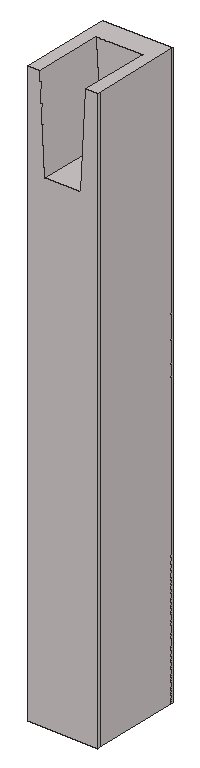
Revit family "M_Coluna retangular pré-moldada com rolamento em forma de cone", category Pilares estruturais, Revit 2019
Family settings
  Exibir em vistas ocultas = Arestas ocultadas por outros membros
  Forma do corte = Não definido
  Material para o comportamento do modelo = Concreto pré-moldado
  Exportar sempre como geometria = Não
  Redução da viga na planta = Da caixa de vinculação
  Número OmniClass = 23.25.30.11.14.11
  Título OmniClass = Columns
  ID de item do Seek = Precast-Rectangular Column with Cone-Shaped Fork bearing-0000-CAN-ENU
  Corte com vazios quando carregada = Não
  Representação simbólica = Da família
  Compartilhado = Não
  Exibir o pré-corte da família na vista da planta = Sim
Parameters (values of type "300x400-Corte do assento")
  TransChamfer = if(Chanfro = 0 mm, 10 mm, Chanfro)  # 10 mm
  Peso da vara de tirante [instance] = 30
  Vara de tirante W [instance] = (Peso da vara de tirante) * 9.80 kN / 1000  # 0.294 kN
  Structural Material [instance] = Concreto - Moldado in loco - 35 MPa
  Peso do vergalhão simples [instance] = 50
  Vergalhão em W simples [instance] = (Peso do vergalhão simples * 9.80 kN) / 1000  # 0.49 kN
  Assento com corte transversal = no
  Profundidade do assento 1 [instance] = if(Assento com corte transversal, h, Profundidade do assento)  # 300 mm
  Profundidade do assento [instance] = 300 mm
  Altura do assento [instance] = 400 mm
  Largura superior do assento [instance] = 200 mm
  Largura inferior do assento [instance] = 150 mm
  Peso das grades de vergalhão [instance] = 100
  Grades de vergalhão W [instance] = (Peso das grades de vergalhão * 9.80 kN) / 1000  # 0.98 kN
  b = 300 mm
  h = 400 mm
  Chanfro = 0 mm
Types (3, lengths in mm): name | Assento com corte transversal | Profundidade do assento 1 | b | h
  (no name) | no | 300 | 300 | 400
  300x400-Corte do assento | no | 300 | 300 | 400
  Assento com corte transversal de 800x500 | yes | 500 | 400 | 500
Reference planes
  plane 1 "Centro (Frente/Trás)": y = 0
  plane 2: z = 0
  plane 3 "Centro (Esquerda/Direita)": x = 0
  plane 4: x = -150
  plane 5: y = -200
  plane 6: x = 150
  plane 7: y = 200
  plane 8: z = 2100
  plane 9: y = 100
  plane 10: x = -100
  plane 11: x = -75
  plane 12: x = 75
  plane 13: x = 100
  plane 14: y = 190
  plane 15: y = -190
  plane 16: x = 150
  plane 17: x = -150
Forms (mm)
  Extrusion 1, solid, material "Concreto - Moldado in loco - 35 MPa" <- "Structural Material"
    sketch origin (0, 0, 0) x (1, 0, 0) y (0, 1, 0)
      loop
        line (-150, 200) -> (-150, 190) -> (-150, -190) -> (-150, -200) -> (150, -200) -> (150, -190) -> (150, 190) -> (150, 200) -> (-150, 200)
    from 0 to 2500
  Blend 2, void
    base sketch origin (0, 0, 0) x (1, 0, 0) y (0, 1, 0)
      loop
        line (-100, 100) -> (-100, -200) -> (100, -200) -> (100, 100) -> (-100, 100)
    top sketch origin (0, 0, 0) x (1, 0, 0) y (0, 1, 0)
      loop
        line (-75, 100) -> (-75, -200) -> (75, -200) -> (75, 100) -> (-75, 100)
    from 2500 to 2100
Cuts and joins
  Blend 2 cuts Extrusion 1
Dimensions and locks
  "Altura do assento": level to plane 8
  equal spacing: plane 11, plane 3 "Centro (Esquerda/Direita)", plane 12
  equal spacing: plane 10, plane 3 "Centro (Esquerda/Direita)", plane 13
  "Largura superior do assento": plane 10 to plane 13
  "Largura inferior do assento": plane 11 to plane 12
  equal spacing: plane 4, plane 3 "Centro (Esquerda/Direita)", plane 6
  "b": plane 4 to plane 6
  equal spacing: plane 7, plane 1 "Centro (Frente/Trás)", plane 5
  "h": plane 7 to plane 5
  "Profundidade do assento 1": plane 5 to plane 9
  "Chanfro": plane 4 to plane 17
  "Chanfro": plane 16 to plane 6
  "TransChamfer": plane 15 to plane 5
  "TransChamfer": plane 7 to plane 14
  aligned and locked: level to Extrusion 1
  aligned and locked: level to plane 2
  aligned and locked: Extrusion 1 to plane 2
  aligned and locked: Extrusion 1 sketch curve to plane 4
  aligned and locked: plane 6 to Extrusion 1 sketch curve
  aligned and locked: Extrusion 1 sketch curve to plane 7
  aligned and locked: Extrusion 1 sketch curve to plane 5
  aligned and locked: plane 10 to Blend 2 sketch curve
  aligned and locked: Blend 2 sketch curve to plane 9  (x2)
  aligned and locked: Blend 2 sketch curve to plane 13
  aligned and locked: Blend 2 sketch curve to plane 5  (x2)
  aligned and locked: plane 11 to Blend 2 sketch curve
  aligned and locked: Blend 2 sketch curve to plane 12
  aligned and locked: level to Blend 2
  aligned and locked: Blend 2 to plane 8
  aligned and locked: plane 17 to Extrusion 1 sketch curve  (x2)
  aligned and locked: plane 16 to Extrusion 1 sketch curve  (x2)
  aligned and locked: plane 14 to Extrusion 1 sketch curve  (x2)
  aligned and locked: plane 15 to Extrusion 1 sketch curve  (x2)
